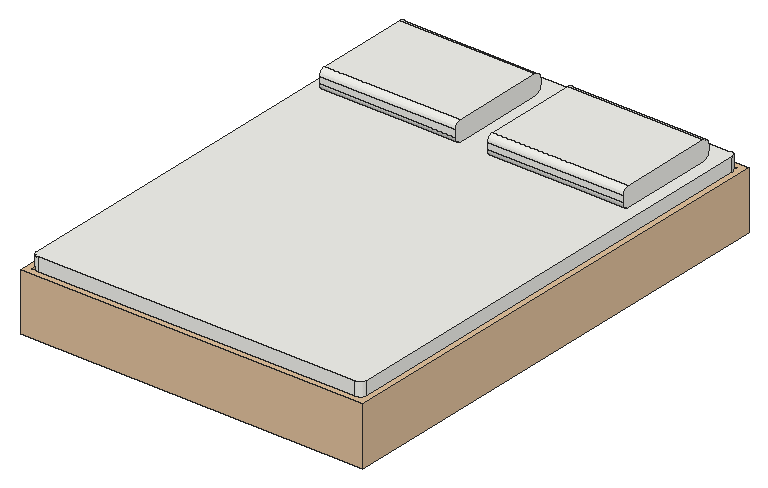
Revit family "Cama básica", category Furniture, Revit 2016
Family settings
  OmniClass Number = 23.40.20.17.14.11
  OmniClass Title = Beds
  Work Plane-Based = No
  Always vertical = Yes
  Cut with Voids When Loaded = No
  Shared = No
  Room Calculation Point = No
Parameters (values of type "Casal - 190 x 135")
  Frame Material = Wood - Birch
  Length = 190.00 cm
  Mattress Material = Textile - White
  Width = 135.00 cm
Types (3, lengths in cm): name | Length | Width
  Casal - 190 x 135 | 190.00 | 135.00
  Casal - 200 x 150 | 200.00 | 150.00
  Solteiro - 95 x 190 | 188.00 | 95.00
Reference planes (cm)
  plane 1 "Center (Front/Back)": y = -23.443
  plane 2: z = 0
  plane 3 "Center (Left/Right)": x = 33.9152
  plane 4: y = 71.557
  plane 5: y = -118.443
  plane 6: x = -33.5848
  plane 7: x = 101.4152
  plane 8: z = 17.78
  plane 9: y = 61.397
  plane 10: y = 19.487
Forms (cm)
  Sweep 1, solid, material "Wood - Birch" <- "Frame Material"
    path origin (0, -118.443, 0) x (1, 0, 0) y (0, 0, 1)
      loop
        line (-31.0448, 17.78) -> (-25.9648, 17.78) -> (-18.3577, 1.4665)
        arc (-18.3577, 1.4665) -> (-17.4204, 0.3978) -> (-16.0556, 0) r 2.54
        line (-16.0556, 0) -> (-8.1944, 0)
        arc (-8.1944, 0) -> (-7.537, 0.0865) -> (-6.9244, 0.3403) r 2.54
        line (-6.9244, 0.3403) -> (-0.9147, 3.81) -> (68.7452, 3.81) -> (74.7549, 0.3403)
        arc (74.7549, 0.3403) -> (75.3675, 0.0865) -> (76.0249, 0) r 2.54
        line (76.0249, 0) -> (83.8861, 0)
        arc (83.8861, 0) -> (85.2509, 0.3978) -> (86.1882, 1.4665) r 2.54
        line (86.1882, 1.4665) -> (93.7952, 17.78) -> (98.8752, 17.78)
    profile origin (-28.5048, -123.793, 0) x (0, 0, 1) y (0, -1, 0)
      loop
        line (19.685, -28.21) -> (17.78, -28.21) -> (17.78, -35.83) -> (19.685, -35.83) -> (19.685, -28.21)
  Extrusion 2, solid, material "Textile - White" <- "Mattress Material"
    sketch origin (0, 0, 40.64) x (1, 0, 0) y (0, 1, 0)
      loop
        line (96.3352, 69.017) -> (-28.5048, 69.017)
        arc (-28.5048, 69.017) -> (-30.3008, 68.2731) -> (-31.0448, 66.477) r 2.54
        line (-31.0448, 66.477) -> (-31.0448, -113.363)
        arc (-31.0448, -113.363) -> (-30.3008, -115.159) -> (-28.5048, -115.903) r 2.54
        line (-28.5048, -115.903) -> (96.3352, -115.903)
        arc (96.3352, -115.903) -> (98.1313, -115.159) -> (98.8752, -113.363) r 2.54
        line (98.8752, -113.363) -> (98.8752, 66.477)
        arc (98.8752, 66.477) -> (98.1313, 68.2731) -> (96.3352, 69.017) r 2.54
    from 0 to -20.32
  Sweep 3, solid, material "Wood - Birch" <- "Frame Material"
    path origin (0, 71.557, 0) x (1, 0, 0) y (0, 0, 1)
      loop
        line (-31.0123, 17.78) -> (-25.9323, 17.78) -> (-18.3252, 1.4665)
        arc (-18.3252, 1.4665) -> (-17.388, 0.3978) -> (-16.0232, 0) r 2.54
        line (-16.0232, 0) -> (-8.162, 0)
        arc (-8.162, 0) -> (-7.5046, 0.0865) -> (-6.892, 0.3403) r 2.54
        line (-6.892, 0.3403) -> (-0.8823, 3.81) -> (68.7452, 3.81) -> (74.7549, 0.3403)
        arc (74.7549, 0.3403) -> (75.3675, 0.0865) -> (76.0249, 0) r 2.54
        line (76.0249, 0) -> (83.8861, 0)
        arc (83.8861, 0) -> (85.2509, 0.3978) -> (86.1882, 1.4665) r 2.54
        line (86.1882, 1.4665) -> (93.7952, 17.78) -> (98.8752, 17.78)
    profile origin (-28.4723, 76.907, 0) x (0, 0, 1) y (0, -1, 0)
      loop
        line (17.78, 38.37) -> (17.78, 30.75) -> (19.685, 30.75) -> (19.685, 38.37) -> (17.78, 38.37)
  Extrusion 4, solid, material "Wood - Birch" <- "Frame Material"
    sketch origin (0, 0, 0) x (1, 0, 0) y (0, 1, 0)
      loop
        line (-33.5848, 71.557) -> (-33.5848, -118.443) -> (101.4152, -118.443) -> (101.4152, 71.557) -> (-33.5848, 71.557)
      loop
        line (-31.0448, 69.017) -> (-31.0448, -115.903) -> (98.8752, -115.903) -> (98.8752, 69.017) -> (-31.0448, 69.017)
    from 12.7 to 35.56
  Sweep 5, solid, material "Textile - White" <- "Mattress Material"
    path origin (0, 0, 0) x (1, 0, 0) y (0, 1, 0)
      loop
        line (-25.9648, 61.397) -> (27.5652, 61.397)
    profile origin (0.8002, 0, 0) x (0, 1, 0) y (0, 0, 1)
      loop
        line (22.027, 40.64) -> (58.857, 40.64)
        arc (58.857, 40.64) -> (60.6531, 41.3839) -> (61.397, 43.18) r 2.54
        line (61.397, 43.18) -> (61.397, 45.72)
        arc (61.397, 45.72) -> (60.6531, 47.5161) -> (58.857, 48.26) r 2.54
        line (58.857, 48.26) -> (22.027, 48.26)
        arc (22.027, 48.26) -> (20.231, 47.5161) -> (19.487, 45.72) r 2.54
        line (19.487, 45.72) -> (19.487, 43.18)
        arc (19.487, 43.18) -> (20.231, 41.3839) -> (22.027, 40.64) r 2.54
  Sweep 6, solid, material "Textile - White" <- "Mattress Material"
    path origin (74.93, 0, 0) x (1, 0, 0) y (0, 1, 0)
      loop
        line (-34.6648, 61.397) -> (18.8652, 61.397)
    profile origin (67.0302, 0, 0) x (0, 1, 0) y (0, 0, 1)
      loop
        line (22.027, 40.64) -> (58.857, 40.64)
        arc (58.857, 40.64) -> (60.6531, 41.3839) -> (61.397, 43.18) r 2.54
        line (61.397, 43.18) -> (61.397, 45.72)
        arc (61.397, 45.72) -> (60.6531, 47.5161) -> (58.857, 48.26) r 2.54
        line (58.857, 48.26) -> (22.027, 48.26)
        arc (22.027, 48.26) -> (20.231, 47.5161) -> (19.487, 45.72) r 2.54
        line (19.487, 45.72) -> (19.487, 43.18)
        arc (19.487, 43.18) -> (20.231, 41.3839) -> (22.027, 40.64) r 2.54
Lines and regions (cm)
  Masking region 1
    outline origin (0, 0, 0) x (1, 0, 0) y (0, 1, 0)
      loop
        line (-33.5848, 71.557) -> (-33.5848, -118.443) -> (101.4152, -118.443) -> (101.4152, 71.557) -> (-33.5848, 71.557)
  symbolic lines
    curve 1: line (-33.5848, 71.557, 0) -> (101.4152, 71.557, 0)
    curve 2: line (-33.5848, 71.557, 0) -> (-33.5848, -118.443, 0)
    curve 3: line (-33.5848, -118.443, 0) -> (101.4152, -118.443, 0)
    curve 4: line (101.4152, 71.557, 0) -> (101.4152, -118.443, 0)
    curve 5: line (-31.0448, 69.017, 0) -> (98.8752, 69.017, 0)
    curve 6: line (-31.0448, 69.017, 0) -> (-31.0448, -115.903, 0)
    curve 7: line (-31.0448, -115.903, 0) -> (98.8752, -115.903, 0)
    curve 8: line (98.8752, 69.017, 0) -> (98.8752, -115.903, 0)
    curve 9: line (-25.9648, 61.397, 0) -> (27.5652, 61.397, 0)
    curve 10: line (-25.9648, 61.397, 0) -> (-25.9648, 24.817, 0)
    curve 11: line (-25.9648, 24.817, 0) -> (27.5652, 24.817, 0)
    curve 12: line (27.5652, 61.397, 0) -> (27.5652, 24.817, 0)
    curve 13: line (40.2652, 61.397, 0) -> (93.7952, 61.397, 0)
    curve 14: line (40.2652, 61.397, 0) -> (40.2652, 24.817, 0)
    curve 15: line (40.2652, 24.817, 0) -> (93.7952, 24.817, 0)
    curve 16: line (93.7952, 61.397, 0) -> (93.7952, 24.817, 0)
    curve 17: line (98.8752, 24.817, 0) -> (-31.0448, 1.9757, 0)
Dimensions and locks (cm)
  equal spacing: plane 6, plane 3 "Center (Left/Right)", plane 7
  equal spacing: plane 5, plane 1 "Center (Front/Back)", plane 4
  "Length": plane 5 to plane 4
  "Width": plane 6 to plane 7
  locked: plane 6 to Sweep 1 sketch curve at 7.62
  locked: Sweep 1 sketch curve to Sweep 1 sketch curve at 7.8613  (x2)
  locked: Sweep 1 sketch curve to plane 7 at 7.62
  plane 10 to plane 9 to plane 4 = 41.91 cm, 10.16 cm locked
  aligned and locked: Extrusion 2 sketch curve to Extrusion 4  (x4)
  aligned and locked: curve 14 to Sweep 6 sketch curve
  aligned and locked: curve 16 to Sweep 6 sketch curve
  aligned and locked: curve 9 to Sweep 6 sketch curve
  aligned and locked: plane 7 to Masking region 1 sketch curve
  aligned and locked: plane 4 to Masking region 1 sketch curve
  aligned and locked: Masking region 1 sketch curve to plane 6
  aligned and locked: Masking region 1 sketch curve to plane 5
Automatic sketch dimensions
  Sweep 1 sketch curve to profile plane = 0.00 cm
  Sweep 1 sketch curve to profile plane = 1.905 cm
  Sweep 1 sketch curve to plane 5 = 30.48 cm
  Sweep 1 sketch curve to Sweep 1 sketch curve = 7.62 cm
  Sweep 3 sketch curve to profile plane = 0.00 cm
  Sweep 3 sketch curve to profile plane = 1.905 cm
  plane 4 to Sweep 3 sketch curve = 25.40 cm
  Sweep 3 sketch curve to Sweep 3 sketch curve = 7.62 cm
  Extrusion 4 sketch curve to plane 4 = 0.00 cm
  Extrusion 4 sketch curve to plane 6 = 0.00 cm
  Extrusion 4 sketch curve to plane 5 = 0.00 cm
  Extrusion 4 sketch curve to plane 7 = 0.00 cm
  Extrusion 4 sketch curve to plane 6 = 2.54 cm
  plane 7 to Extrusion 4 sketch curve = 2.54 cm
  Extrusion 4 sketch curve to plane 5 = 2.54 cm
  plane 4 to Extrusion 4 sketch curve = 2.54 cm
  Extrusion 2 sketch curve to Extrusion 2 sketch curve = 2.54 cm  (x3)
  plane 4 to Extrusion 2 sketch curve = 5.08 cm
  Sweep 1 sketch curve to level = 0.00 cm  (x2)
  Sweep 1 sketch curve to plane 6 = 2.54 cm
  level to Sweep 1 sketch curve = 1.4665 cm  (x2)
  Sweep 1 sketch curve to Sweep 1 sketch curve = 7.6071 cm
  Sweep 1 sketch curve to Sweep 1 sketch curve = 2.302 cm  (x2)
  level to Sweep 1 sketch curve = 0.3403 cm  (x2)
  Sweep 1 sketch curve to Sweep 1 sketch curve = 1.27 cm  (x2)
  level to Sweep 1 sketch curve = 3.81 cm
  Sweep 1 sketch curve to Sweep 1 sketch curve = 6.0097 cm  (x2)
  Sweep 1 sketch curve to Sweep 1 sketch curve = 25.0501 cm
  plane 7 to Sweep 1 sketch curve = 2.54 cm
  level to Sweep 1 sketch curve = 17.78 cm  (x2)
  Sweep 3 sketch curve to level = 0.00 cm  (x2)
  Sweep 3 sketch curve to plane 6 = 2.5724 cm
  Sweep 3 sketch curve to Sweep 3 sketch curve = 5.08 cm
  level to Sweep 3 sketch curve = 1.4665 cm  (x2)
  Sweep 3 sketch curve to plane 6 = 15.2595 cm
  level to Sweep 3 sketch curve = 2.54 cm  (x2)
  Sweep 3 sketch curve to Sweep 3 sketch curve = 7.8613 cm  (x2)
  level to Sweep 3 sketch curve = 0.3403 cm  (x2)
  Sweep 3 sketch curve to Sweep 3 sketch curve = 1.27 cm  (x2)
  level to Sweep 3 sketch curve = 3.81 cm  (x2)
  Sweep 3 sketch curve to Sweep 3 sketch curve = 6.0097 cm  (x2)
  plane 7 to Sweep 3 sketch curve = 32.6701 cm
  Sweep 3 sketch curve to Sweep 3 sketch curve = 0.00 cm
  plane 7 to Sweep 3 sketch curve = 7.62 cm
  plane 7 to Sweep 3 sketch curve = 2.54 cm
  level to Sweep 3 sketch curve = 17.78 cm  (x2)
  curve 3 to plane 5 = 0.00 cm
  curve 3 to plane 6 = 0.00 cm
  curve 4 to plane 4 = 0.00 cm
  curve 4 to plane 7 = 0.00 cm
  curve 1 to curve 6 = 2.54 cm
  curve 10 to plane 6 = 7.62 cm
  curve 9 to plane 3 "Center (Left/Right)" = 6.35 cm
  plane 3 "Center (Left/Right)" to curve 13 = 6.35 cm
  plane 7 to curve 13 = 7.62 cm
  plane 7 to curve 17 = 2.54 cm
  curve 8 to plane 5 = 2.54 cm
  curve 17 to plane 1 "Center (Front/Back)" = 25.4186 cm
  curve 17 to curve 11 = 22.8414 cm
  curve 15 to curve 11 = 0.00 cm
  curve 17 to curve 15 = 0.00 cm
  plane 4 to curve 10 = 10.16 cm
  plane 4 to curve 14 = 10.16 cm
  plane 4 to curve 8 = 2.54 cm
  Sweep 5 sketch curve to plane 9 = 0.00 cm
  Sweep 5 sketch curve to plane 6 = 7.62 cm
  Sweep 5 sketch curve to plane 3 "Center (Left/Right)" = 6.35 cm
  Sweep 5 sketch curve to profile plane = 0.00 cm
  profile plane to Sweep 5 sketch curve = 2.54 cm  (x2)
  Sweep 5 sketch curve to Sweep 5 sketch curve = 36.83 cm
  Sweep 5 sketch curve to Sweep 5 sketch curve = 0.00 cm
  Sweep 5 sketch curve to Sweep 5 sketch curve = 2.54 cm  (x2)
  level to Sweep 5 sketch curve = 40.64 cm
  Sweep 6 sketch curve to profile plane = 0.00 cm
  profile plane to Sweep 6 sketch curve = 2.54 cm  (x2)
  Sweep 6 sketch curve to Sweep 6 sketch curve = 36.83 cm
  Sweep 6 sketch curve to Sweep 6 sketch curve = 0.00 cm
  Sweep 6 sketch curve to Sweep 6 sketch curve = 2.54 cm  (x2)
